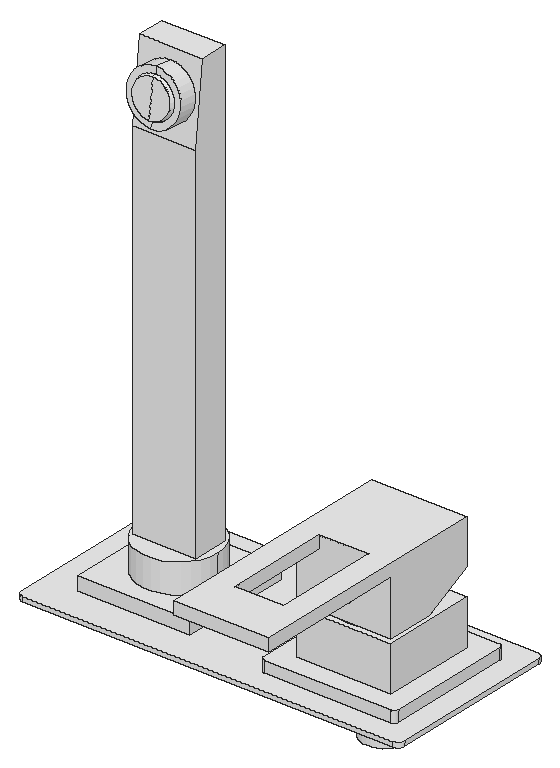
Revit family "Mixer-Basin-Caroma Quatro-Wall1", category Plumbing Fixtures, host Face, Revit 2013
Parameters (values of type "Standard")
  Waste Connection = no
  Vent Connection = no
  URL = "http://www.caroma.com.au/"
  Type Comments = "Caroma Quatro Wall Basin Mixer"  # constant formula
  Model = "90702C6A"  # constant formula
  Material_ANZRS = Metal-Chrome-Caroma
  Manufacturer = "GWA Bathrooms & Kitchens"  # constant formula
  HWFU = 1.2  # constant formula
  HW Connection = yes
  Description = "WELS 6 Star rated, 4.5L/min"  # constant formula
  Default Elevation = 900 mm
  CreatedBy_ANZRS = "Design Content"  # constant formula
  CreatedByURL_ANZRS = "www.designcontent.com.au"
  Cost = 0
  Connector Radius = 10 mm
  CWFU = 1.2  # constant formula
  CW Connection = yes
  Assembly Code = "C1030210"
Reference planes
  plane 1 "Center (Front/Back)": y = 0
  plane 2: z = 0
  plane 3 "Center (Left/Right)": x = 0
  plane 4 "Left": x = -85
  plane 5 "Top": y = 40
  plane 6 "Bottom": y = -40
  plane 7 "Right": x = 85
  plane 8: x = 45
  plane 9: x = -45
Forms (mm)
  Extrusion 1, void
    sketch origin (45, 2.5, -112.5) x (0, 1, 0) y (0, 0, 1)
      loop
        line (-5.184, 140.225) -> (22.235, 140.225) -> (22.235, 153.305) -> (-5.184, 140.225)
    from -50 to 50
  Revolve 2, solid, material "Metal-Chrome-Caroma" <- "Material_ANZRS"
    sketch origin (-45, -188.696, 160.937) x (0, -0.009072, -0.999959) y (0, 0.999959, -0.009072)
      loop
        line (-34.304, 171.991) -> (-33.605, 173.426) -> (-30.608, 173.111) -> (-29.766, 181.125) -> (-41.7, 182.38) -> (-42.699, 172.873) -> (-34.304, 171.991)
      axis (-42.699, 172.873) -> (-41.7, 182.38)
    angle from 0 to 360
  Extrusion 3, solid, material "Metal-Chrome-Caroma" <- "Material_ANZRS"
    sketch origin (59.2, 0, 0) x (1, 0, 0) y (0, 1, 0)
      loop
        circle (-7.071, -7.071) r 10
    from -20 to 0
  Extrusion 4, solid, material "Metal-Chrome-Caroma" <- "Material_ANZRS"
    sketch origin (30.8, 0, 0) x (-1, 0, 0) y (0, -1, 0)
      loop
        circle (-7.071, -7.071) r 10
    from -20 to 0
  Extrusion 5, solid, material "Metal-Chrome-Caroma" <- "Material_ANZRS"
    sketch origin (45, 0, -233.5) x (1, 0, 0) y (0, 1, 0)
      loop
        line (21, -88.994) -> (21, -21) -> (11, -21) -> (11, -68) -> (-11, -68) -> (-11, -21) -> (-21, -21) -> (-21, -88.994) -> (21, -88.994)
    from 287.003 to 292.502
  Extrusion 6, solid, material "Metal-Chrome-Caroma" <- "Material_ANZRS"
    sketch origin (45, 0, 0) x (1, 0, 0) y (0, 1, 0)
      loop
        arc (-28.028, 30) -> (-29.422, 29.422) -> (-30, 28.028) r 1.972
        line (-30, 28.028) -> (-30, -28)
        arc (-30, -28) -> (-29.414, -29.414) -> (-28, -30) r 2
        line (-28, -30) -> (28, -30)
        arc (28, -30) -> (29.414, -29.414) -> (30, -28) r 2
        line (30, -28) -> (30, 28)
        arc (30, 28) -> (29.414, 29.414) -> (28, 30) r 2
        line (28, 30) -> (-28.028, 30)
    from 0 to 7
  Extrusion 7, solid, material "Metal-Chrome-Caroma" <- "Material_ANZRS"
    sketch origin (45, 0, 0) x (1, 0, 0) y (0, 1, 0)
      loop
        line (-21, 21) -> (-21, -21) -> (21, -21) -> (21, 21) -> (-21, 21)
    from 7 to 27
  Extrusion 8, solid, material "Metal-Chrome-Caroma" <- "Material_ANZRS"
    sketch origin (45, 0, -233.5) x (1, 0, 0) y (0, 1, 0)
      loop
        line (21, 21) -> (-21, 21) -> (-21, -21) -> (21, -21) -> (21, 21)
    from 262.5 to 292.502
  Revolve 9, solid, material "Metal-Chrome-Caroma" <- "Material_ANZRS", detail levels fine
    sketch origin (45, 0, -233.5) x (0, 1, 0) y (0, 0, 1)
      loop
        line (-21, 274.284) -> (-21, 278.776)
        arc (-21, 278.776) -> (-21.757, 278.721) -> (-22.273, 278.164) r 1.034
        arc (-22.273, 278.164) -> (-22.817, 276.258) -> (-23, 274.284) r 10.71
        line (-23, 274.284) -> (-21, 274.284)
      axis (-23, 274.284) -> (-21, 274.284)
    angle from 0 to 360
  Revolve 10, solid, material "Metal-Chrome-Caroma" <- "Material_ANZRS"
    sketch origin (45, 0, -233.5) x (0, 1, 0) y (0, 0, 1)
      loop
        arc (18.995, 260.5) -> (17.363, 268.413) -> (12.735, 275.035) r 20.004
        line (12.735, 275.035) -> (0, 275.035) -> (0, 260.5) -> (18.995, 260.5)
      axis (0, 275.035) -> (0, 260.5)
    angle from 0 to 360
  Extrusion 11, solid, material "Metal-Chrome-Caroma" <- "Material_ANZRS"
    sketch origin (-45, 133.552, 1219.2) x (0, 1, 0) y (0, 0, 1)
      loop
        line (-125.552, -1001.2) -> (-137.552, -1001.2) -> (-141.552, -1036.2) -> (-141.552, -1198.2) -> (-125.552, -1198.2) -> (-125.552, -1001.2)
    from -14 to 14
  Extrusion 12, solid, material "Metal-Chrome-Caroma" <- "Material_ANZRS"
    sketch origin (45, 0, 0) x (1, 0, 0) y (0, 1, 0)
      loop
        line (-115, 25) -> (-115, -25) -> (-65, -25) -> (-65, 25) -> (-115, 25)
    from 0 to 8
  Extrusion 13, solid, material "Metal-Chrome-Caroma" <- "Material_ANZRS"
    sketch origin (45, 0, 0) x (1, 0, 0) y (0, 1, 0)
      loop
        circle (-90, 0) r 17.5
    from 8 to 21
  Extrusion 14, solid, material "Metal-Chrome-Caroma" <- "Material_ANZRS"
    sketch origin (45, 0, 0) x (1, 0, 0) y (0, 1, 0)
      loop
        arc (-127, 40) -> (-129.121, 39.121) -> (-130, 37) r 3
        line (-130, 37) -> (-130, -37)
        arc (-130, -37) -> (-129.121, -39.121) -> (-127, -40) r 3
        line (-127, -40) -> (37, -40)
        arc (37, -40) -> (39.121, -39.121) -> (40, -37) r 3
        line (40, -37) -> (40, 37)
        arc (40, 37) -> (39.121, 39.121) -> (37, 40) r 3
        line (37, 40) -> (-127, 40)
    from 0 to 2
Cuts and joins
  Extrusion 1 cuts Extrusion 8
  joined: Revolve 2, Extrusion 5, Extrusion 6, Extrusion 7, Extrusion 8, Revolve 10, Extrusion 11, Extrusion 12, Extrusion 13, Extrusion 14
Lines and regions (mm)
  Masking region 1
    outline origin (0, 0, 0) x (1, 0, 0) y (0, 1, 0)
      loop
        arc (-82, 40) -> (-84.121, 39.121) -> (-85, 37) r 3
        line (-85, 37) -> (-85, -37)
        arc (-85, -37) -> (-84.121, -39.121) -> (-82, -40) r 3
        line (-82, -40) -> (24, -40) -> (24, -88.994) -> (66, -88.994) -> (66, -40) -> (82, -40)
        arc (82, -40) -> (84.121, -39.121) -> (85, -37) r 3
        line (85, -37) -> (85, 37)
        arc (85, 37) -> (84.121, 39.121) -> (82, 40) r 3
        line (82, 40) -> (-82, 40)
      loop
        line (34, -68) -> (56, -68) -> (56, -40) -> (34, -40) -> (34, -68)
  Masking region 2
    outline origin (0, 0, 0) x (1, 0, 0) y (0, 0, 1)
      loop
        line (85, 0) -> (85, 2) -> (75, 2) -> (75, 7) -> (66, 7) -> (66, 27) -> (63.995, 27) -> (63.894, 29) -> (66, 29) -> (66, 59.002) -> (24, 59.002) -> (24, 29) -> (26.106, 29) -> (26.005, 27) -> (24, 27) -> (24, 7) -> (15, 7) -> (15, 2) -> (-20, 2) -> (-20, 8) -> (-27.5, 8) -> (-27.5, 21) -> (-31, 21) -> (-31, 218) -> (-59, 218) -> (-59, 21) -> (-62.5, 21) -> (-62.5, 8) -> (-70, 8) -> (-70, 2) -> (-85, 2) -> (-85, 0) -> (85, 0)
  symbolic lines
    curve 1: line (-31, 8, 0) -> (-59, 8, 0)
    curve 2: line (-59, 8, 0) -> (-59, -8, 0)
    curve 3: line (-59, -4, 0) -> (-31, -4, 0)
    curve 4: line (-31, -8, 0) -> (-31, 8, 0)
    curve 5: spline (-54.324, -14.809, 0) -> (-55.569, -14.597, 0) -> (-56.444, -14.362, 0) -> (-56.916, -14.112, 0) -> (-56.971, -13.857, 0) -> (-56.605, -13.605, 0) -> (-55.832, -13.365, 0) -> (-54.678, -13.146, 0) -> (-53.185, -12.955, 0) -> (-51.404, -12.799, 0) -> (-49.398, -12.684, 0) -> (-47.238, -12.613, 0) -> (-45, -12.589, 0)
    curve 6: spline (-45, -12.589, 0) -> (-42.762, -12.613, 0) -> (-40.602, -12.684, 0) -> (-38.596, -12.799, 0) -> (-36.815, -12.955, 0) -> (-35.322, -13.146, 0) -> (-34.168, -13.365, 0) -> (-33.395, -13.605, 0) -> (-33.029, -13.857, 0) -> (-33.084, -14.112, 0) -> (-33.556, -14.362, 0) -> (-34.431, -14.597, 0) -> (-35.676, -14.809, 0)
    curve 7: spline (-45, -14.483, 0) -> (-47.185, -14.516, 0) -> (-49.221, -14.612, 0) -> (-50.969, -14.764, 0) -> (-52.31, -14.963, 0) -> (-53.154, -15.194, 0) -> (-53.441, -15.442, 0) -> (-53.154, -15.69, 0) -> (-52.31, -15.921, 0) -> (-50.969, -16.12, 0) -> (-49.221, -16.272, 0) -> (-47.185, -16.368, 0) -> (-45, -16.4, 0)
    curve 8: spline (-45, -16.4, 0) -> (-42.815, -16.368, 0) -> (-40.779, -16.272, 0) -> (-39.031, -16.12, 0) -> (-37.69, -15.921, 0) -> (-36.846, -15.69, 0) -> (-36.559, -15.442, 0) -> (-36.846, -15.194, 0) -> (-37.69, -14.963, 0) -> (-39.031, -14.764, 0) -> (-40.779, -14.612, 0) -> (-42.815, -14.516, 0) -> (-45, -14.483, 0)
    curve 9: spline (-36.013, -13.952, 0) -> (-36.32, -13.687, 0) -> (-37.217, -13.441, 0) -> (-38.645, -13.23, 0) -> (-40.507, -13.068, 0) -> (-42.674, -12.966, 0) -> (-45, -12.931, 0) -> (-47.326, -12.966, 0) -> (-49.493, -13.068, 0) -> (-51.355, -13.23, 0) -> (-52.783, -13.441, 0) -> (-53.68, -13.687, 0) -> (-53.987, -13.952, 0)
    curve 10: arc (-62.5, 0, 0) -> (-61.066, -6.937, 0) -> (-57, -12.738, 0) r 17.5
    curve 11: spline (-57, -5.945, 0) -> (-56.591, -5.592, 0) -> (-55.392, -5.264, 0) -> (-53.485, -4.982, 0) -> (-51, -4.765, 0) -> (-48.106, -4.629, 0) -> (-45, -4.582, 0) -> (-41.894, -4.629, 0) -> (-39, -4.765, 0) -> (-36.515, -4.982, 0) -> (-34.608, -5.264, 0) -> (-33.409, -5.592, 0) -> (-33, -5.945, 0)
    curve 12: arc (-27.5, 0, 0) -> (-45, 17.5, 0) -> (-62.5, 0, 0) r 17.5
    curve 13: line (-59, -8, 0) -> (-57, -8, 0)
    curve 14: line (-33, -8, 0) -> (-31, -8, 0)
    curve 15: line (-57, -5.945, 0) -> (-57, -13.952, 0)
    curve 16: line (-33, -5.945, 0) -> (-33, -13.952, 0)
    curve 17: line (-36.013, -13.952, 0) -> (-36.559, -15.442, 0)
    curve 18: line (-53.987, -13.952, 0) -> (-53.441, -15.442, 0)
    curve 19: arc (-33, -12.738, 0) -> (-28.934, -6.937, 0) -> (-27.5, 0, 0) r 17.5
    curve 20: arc (-36.507, -15.301, 0) -> (-36.088, -15.061, 0) -> (-35.676, -14.809, 0) r 17.5
    curve 21: arc (-52.23, -15.937, 0) -> (-45, -17.5, 0) -> (-37.77, -15.937, 0) r 17.5
    curve 22: arc (-54.324, -14.809, 0) -> (-53.912, -15.061, 0) -> (-53.493, -15.301, 0) r 17.5
    curve 23: line (-70, 25, 0) -> (-20, 25, 0)
    curve 24: line (-70, -25, 0) -> (-70, 25, 0)
    curve 25: line (-20, -25, 0) -> (-70, -25, 0)
    curve 26: line (-20, 25, 0) -> (-20, -25, 0)
    curve 27: line (15, 28.028, 0) -> (15, -28, 0)
    curve 28: arc (16.972, 30, 0) -> (15.578, 29.422, 0) -> (15, 28.028, 0) r 1.972
    curve 29: line (73, 30, 0) -> (16.972, 30, 0)
    curve 30: arc (75, 28, 0) -> (74.414, 29.414, 0) -> (73, 30, 0) r 2
    curve 31: line (75, -28, 0) -> (75, 28, 0)
    curve 32: arc (73, -30, 0) -> (74.414, -29.414, 0) -> (75, -28, 0) r 2
    curve 33: line (17, -30, 0) -> (24, -30, 0)
    curve 34: arc (15, -28, 0) -> (15.586, -29.414, 0) -> (17, -30, 0) r 2
    curve 35: line (24, 21, 0) -> (24, -88.994, 0)
    curve 36: line (66, 21, 0) -> (24, 21, 0)
    curve 37: line (66, -88.994, 0) -> (66, 21, 0)
    curve 38: line (34, -21, 0) -> (56, -21, 0)
    curve 39: line (34, -68, 0) -> (34, -21, 0)
    curve 40: line (56, -21, 0) -> (56, -68, 0)
    curve 41: line (56, -68, 0) -> (34, -68, 0)
    curve 42: line (24, -88.994, 0) -> (66, -88.994, 0)
    curve 43: line (34, -30, 0) -> (56, -30, 0)
    curve 44: line (66, -30, 0) -> (73, -30, 0)
    curve 45: line (75, 0, 7) -> (15, 0, 7)
    curve 46: line (85, 0, 2) -> (-85, 0, 2)
    curve 47: line (-20, 0, 8) -> (-70, 0, 8)
    curve 48: line (-27.5, 0, 21) -> (-62.5, 0, 21)
    curve 49: line (66, 0, 27) -> (24, 0, 27)
    curve 50: line (24, 0, 39.023) -> (66, 0, 39.023)
    curve 51: line (63.894, 0, 29) -> (63.995, 0, 27)
    curve 52: line (26.106, 0, 29) -> (26.005, 0, 27)
    curve 53: spline (63.89, 0, 29) -> (63.64, 0, 30.033) -> (63.088, 0, 31.044) -> (62.241, 0, 32.017) -> (61.115, 0, 32.935) -> (59.727, 0, 33.785) -> (58.1, 0, 34.551) -> (56.26, 0, 35.223) -> (54.237, 0, 35.789) -> (52.063, 0, 36.239) -> (49.774, 0, 36.567) -> (47.407, 0, 36.767) -> (45, 0, 36.836)
    curve 54: spline (45, 0, 36.836) -> (42.593, 0, 36.767) -> (40.226, 0, 36.567) -> (37.937, 0, 36.239) -> (35.763, 0, 35.789) -> (33.74, 0, 35.223) -> (31.9, 0, 34.551) -> (30.273, 0, 33.785) -> (28.885, 0, 32.935) -> (27.759, 0, 32.017) -> (26.912, 0, 31.044) -> (26.36, 0, 30.033) -> (26.11, 0, 29)
Dimensions and locks
  aligned and locked: plane 2 to host face
  aligned and locked: level to host face
Connectors
  piping at (52.129, -7.071, -20), driven by "Connector Radius", driven by "CWFU"
    settings: on Extrusion 3, index 3, connector radius 0.3937", flow factor 0, pipe flow 0 GPM, pressure drop 0.00 psi, fitting loss kfactor 0, connector angle 0.00°, fixture units 1.2, engagement length 0 mm, flow configuration 3, flow direction 1, fitting loss method 1, system type 20, joint type 0, gender type 0, connector reference index -1, connector utility 0, adjustable connector no, is connector primary yes, fitting loss table "Inward Projecting Pipe", connector description "Cold Inlet"
  piping at (37.871, 7.071, -20), driven by "Connector Radius", driven by "HWFU"
    settings: on Extrusion 4, index 4, connector radius 0.3937", flow factor 0, pipe flow 0 GPM, pressure drop 0.00 psi, fitting loss kfactor 0, connector angle 0.00°, fixture units 1.2, engagement length 0 mm, flow configuration 3, flow direction 1, fitting loss method 1, system type 19, joint type 0, gender type 0, connector reference index -1, connector utility 0, adjustable connector no, is connector primary no, fitting loss table "Inward Projecting Pipe", connector description "Hot Inlet"
